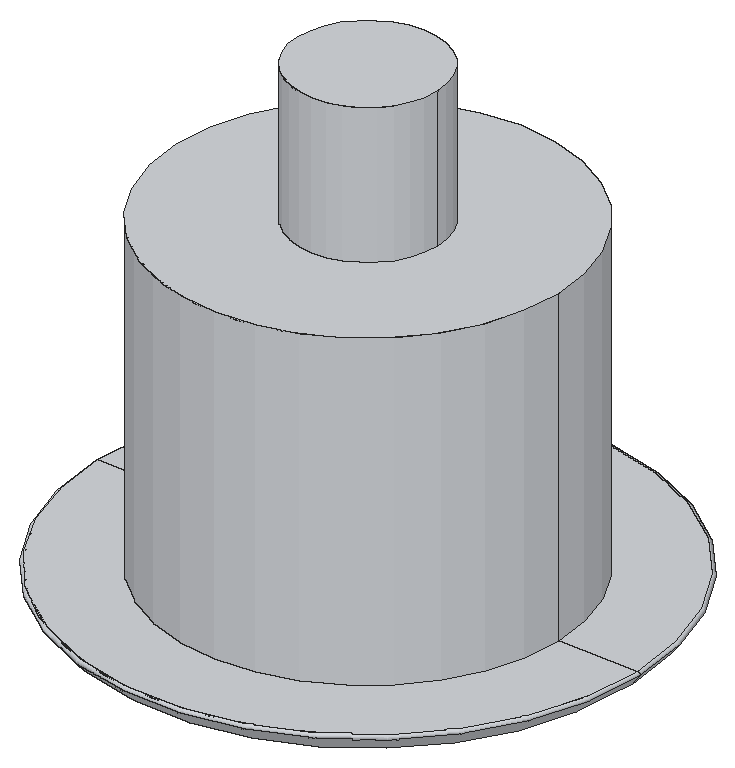
Revit family
Parameters (values of type "RASCO G4A CONCEALED")
  Temperature Rating = 212 °F
  Response = 1
  RASCO SIN # = "R5413"
  RASCO Part # = "G4A27B"
  Pressure Rating = "175 PSI"
  Pressure Class = (empty or 0)
  Orifice Size = 7/16"
  Orifice = (empty or 0)
  Model = "G4A"
  Manufacturer = "RASCO"
  K-Factor = 5.6
  Description = "Concealed Pendent"
  Coverage = (empty or 0)
Reference planes (in)
  plane 1 "Center (Front/Back)": y = 0
  plane 2: z = 0
  plane 3 "Center (Left/Right)": x = 0
Nested families (in)
  nested 1: "G4A27B" at (-0.49095, -0.42325, 0), type "RASCO G4A CONCEALED"
Connectors (in)
  piping at (-0.49095, -0.42325, 2.90921)
    settings: on nested 1, index 1, connector radius 55/128", flow factor 0, pipe flow 0 GPM, pressure drop 0.00 psi, fitting loss kfactor 0, connector angle 0.00°, fixture units 0, flow configuration 0, flow direction 0, fitting loss method 0, system type 7, connector reference index -1, connector utility 0, adjustable connector no, is connector primary yes, fitting loss table "", connector description ""
Definition of nested family "G4A27B"
  Parameters (values of type "RASCO G4A CONCEALED")
    Type Comments = ""
    Temperature Rating = 0 °F
    Response = (empty or 0)
    Pressure Rating = "0"
    Pressure Class = (empty or 0)
    Orifice Size = 0"
    Orifice = (empty or 0)
    Model = ""
    Manufacturer = ""
    K-Factor = 0
    Coverage = (empty or 0)
    Assembly Code = ""
  Reference planes (in)
    plane 1 "Center (Front/Back)": y = 0
    plane 2: z = 0
    plane 3 "Center (Left/Right)": x = 0
    plane 4 "ref.2": z = 0.181
    plane 5 "ref.3": z = 2.151
  Forms (in)
    Extrusion 1, solid
      sketch origin (0, 0, 0.181) x (-1, 0, 0) y (0, -1, 0)
        loop
          circle (0, 0) r 1.158
      from 0 to 1.88665
    Extrusion 2, solid
      sketch origin (0, 0, 2.151) x (-1, 0, 0) y (0, -1, 0)
        loop
          circle (0, 0) r 0.423
      from -0.08335 to 0.75821
    Revolve 3, solid
      sketch origin (0, 0, 0) x (1, 0, 0) y (0, 0, 1)
        loop
          line (0, 0.181) -> (-1.63565, 0.181)
          arc (-1.63565, 0.181) -> (-1.64846, 0.17344) -> (-1.64802, 0.15857) r 0.01463
          arc (-1.64802, 0.15857) -> (-1.52469, 0.04227) -> (-1.36054, 0) r 0.33989
          line (-1.36054, 0) -> (0, 0) -> (0, 0.181)
        axis (0, 0.181) -> (0, 0)
      angle from 0 to 360
